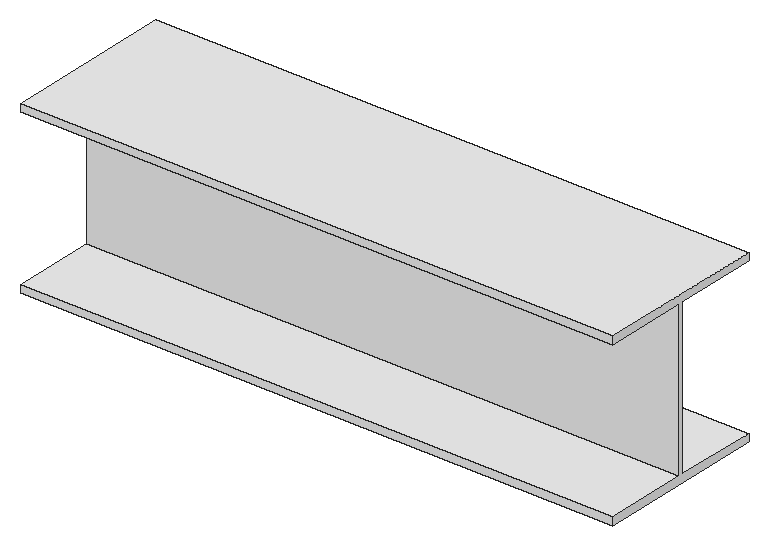
Revit family "VS - CS de vigas soldadas", category Quadro estrutural, Revit 2019
Family settings
  Arredondamento do comprimento do framing estrutural = 1 mm
  Forma do corte = Não definido
  Material para o comportamento do modelo = Aço
  Exportar sempre como geometria = Não
  Sempre na vertical = Sim
  Corte com vazios quando carregada = Não
  Representação simbólica = Das configurações de projeto
  Compartilhado = Não
  Exibir o pré-corte da família na vista da planta = Sim
Parameters (values of type "CS 350x112")
  d1 = d - 2 * tf  # 318 mm
  W = 0.112
  Type Comments = ""
  Structural Material [instance] = Metal - Aço - 250 MPa
  Assembly Code = ""
  Length [instance] = 1500 mm
  bf = 350 mm
  d = 350 mm
  tf = 16 mm
  tw = 9.5 mm
  A = 0.014 m²
Reference planes
  plane 1 "Centro (Frente/Trás)": y = 0
  plane 2: z = 0
  plane 3 "Centro (Esquerda/Direita)": x = 4.61
  plane 4 "Membro esquerdo": x = -604.99
  plane 5 "Membro direito": x = 614.21
  plane 6: y = 175
  plane 7: y = -175
  plane 8 "Superior": z = 175
  plane 9: z = -175
  plane 10 "Esquerda": x = -757.39
  plane 11 "Direita": x = 742.61
  plane 12: z = 159
  plane 13: z = -159
Forms (mm)
  Sweep 1, solid, material "Metal - Aço - 250 MPa" <- "Structural Material", detail levels medium+fine
    path origin (0, 0, 0) x (1, 0, 0) y (0, 1, 0)
      loop
        line (614.21, 0) -> (-604.99, 0)
    profile "WB-Vigas Soladas-Perfil : WB-Vigas Soladas-Perfil" origin (4.61, 0, 0) x (0, -1, 0) y (0, 0, 1)
      loop
        line (-175, -175) -> (175, -175) -> (175, -159) -> (4.75, -159) -> (4.75, 159) -> (175, 159) -> (175, 175) -> (-175, 175) -> (-175, 159) -> (-4.75, 159) -> (-4.75, -159) -> (-175, -159) -> (-175, -175)
Lines and regions (mm)
  symbolic lines, style "Faces ocultas", detail levels medium+fine
    curve 1: line (614.21, -4.75, 0) -> (-604.99, -4.75, 0)
    curve 2: line (614.21, 4.75, 0) -> (-604.99, 4.75, 0)
  symbolic lines, style "Símbolos de vara", detail levels coarse
    curve 3: line (4.61, 175, 175) -> (4.61, -175, 175)
    curve 4: line (4.61, -175, -175) -> (4.61, 175, -175)
    curve 5: line (4.61, 0, 175) -> (4.61, 0, -175)
Dimensions and locks
  "bf": plane 6 to plane 7
  "d": plane 9 to plane 8 "Superior"
  equal spacing: plane 9, plane 2, plane 8 "Superior"
  equal spacing: plane 6, plane 1 "Centro (Frente/Trás)", plane 7
  "Length": plane 10 "Esquerda" to plane 11 "Direita"
  "tw": curve 2 to curve 1
  equal spacing: curve 2, plane 1 "Centro (Frente/Trás)", curve 1
  equal spacing: plane 12, plane 2, plane 13
  "d1": plane 12 to plane 13
  aligned and locked: Sweep 1 sketch curve to plane 1 "Centro (Frente/Trás)"
  aligned and locked: plane 4 "Membro esquerdo" to Sweep 1 sketch curve
  aligned and locked: plane 5 "Membro direito" to Sweep 1 sketch curve
  aligned and locked: plane 4 "Membro esquerdo" to curve 1
  aligned and locked: plane 5 "Membro direito" to curve 1
  aligned and locked: plane 4 "Membro esquerdo" to curve 2
  aligned and locked: plane 5 "Membro direito" to curve 2
Automatic sketch dimensions
  curve 5 to plane 1 "Centro (Frente/Trás)" = 0 mm
  curve 3 to plane 7 = 0 mm
  curve 4 to plane 7 = 0 mm
  curve 4 to plane 6 = 0 mm
  curve 3 to plane 6 = 0 mm
  plane 9 to curve 4 = 0 mm
  plane 8 "Superior" to curve 5 = 0 mm
Types in the file's own list only (99): name | d1 | W | bf | d | tf | tw | A
  CS 250x52 | 231 mm | 0.0518 | 250 mm | 250 mm | 10 mm | 8 mm | 0.01 m²
  CS 250x63 | 225 mm | 0.0632 | 250 mm | 250 mm | 13 mm | 8 mm | 0.01 m²
  CS 250x66 | 225 mm | 0.0658 | 250 mm | 250 mm | 13 mm | 10 mm | 0.01 m²
  CS 250x76 | 218 mm | 0.0765 | 250 mm | 250 mm | 16 mm | 8 mm | 0.01 m²
  CS 250x79 | 218 mm | 0.0791 | 250 mm | 250 mm | 16 mm | 10 mm | 0.01 m²
  CS 250x84 | 218 mm | 0.0842 | 250 mm | 250 mm | 16 mm | 13 mm | 0.01 m²
  CS 250x90 | 212 mm | 0.0904 | 250 mm | 250 mm | 19 mm | 10 mm | 0.01 m²
  CS 250x95 | 212 mm | 0.0954 | 250 mm | 250 mm | 19 mm | 13 mm | 0.01 m²
  CS 250x108 | 205 mm | 0.108 | 250 mm | 250 mm | 22 mm | 13 mm | 0.01 m²
  CS 300x62 | 281 mm | 0.0624 | 300 mm | 300 mm | 10 mm | 8 mm | 0.01 m²
  CS 300x76 | 275 mm | 0.0761 | 300 mm | 300 mm | 13 mm | 8 mm | 0.01 m²
  CS 300x95 | 268 mm | 0.0953 | 300 mm | 300 mm | 16 mm | 10 mm | 0.01 m²
  CS 300x102 | 268 mm | 0.102 | 300 mm | 300 mm | 16 mm | 13 mm | 0.01 m²
  CS 300x109 | 262 mm | 0.109 | 300 mm | 300 mm | 19 mm | 10 mm | 0.01 m²
  CS 300x115 | 262 mm | 0.115 | 300 mm | 300 mm | 19 mm | 13 mm | 0.01 m²
  CS 300x122 | 262 mm | 0.122 | 300 mm | 300 mm | 19 mm | 16 mm | 0.02 m²
  CS 300x131 | 255 mm | 0.131 | 300 mm | 300 mm | 22 mm | 13 mm | 0.02 m²
  CS 300x138 | 255 mm | 0.138 | 300 mm | 300 mm | 22 mm | 16 mm | 0.02 m²
  CS 300x149 | 250 mm | 0.149 | 300 mm | 300 mm | 25 mm | 16 mm | 0.02 m²
  CS 350x93 | 325 mm | 0.0929 | 350 mm | 350 mm | 13 mm | 10 mm | 0.01 m²
  CS 350x119 | 318 mm | 0.119 | 350 mm | 350 mm | 16 mm | 13 mm | 0.02 m²
  CS 350x128 | 312 mm | 0.128 | 350 mm | 350 mm | 19 mm | 10 mm | 0.02 m²
  CS 350x135 | 312 mm | 0.135 | 350 mm | 350 mm | 19 mm | 13 mm | 0.02 m²
  CS 350x144 | 312 mm | 0.144 | 350 mm | 350 mm | 19 mm | 16 mm | 0.02 m²
  CS 350x153 | 305 mm | 0.153 | 350 mm | 350 mm | 22 mm | 13 mm | 0.02 m²
  CS 350x161 | 305 mm | 0.161 | 350 mm | 350 mm | 22 mm | 16 mm | 0.02 m²
  CS 350x175 | 300 mm | 0.175 | 350 mm | 350 mm | 25 mm | 16 mm | 0.02 m²
  CS 350x183 | 300 mm | 0.182 | 350 mm | 350 mm | 25 mm | 19 mm | 0.02 m²
  CS 350x216 | 287 mm | 0.216 | 350 mm | 350 mm | 32 mm | 19 mm | 0.03 m²
  CS 400x106 | 375 mm | 0.106 | 400 mm | 400 mm | 13 mm | 10 mm | 0.01 m²
  CS 400x128 | 368 mm | 0.128 | 400 mm | 400 mm | 16 mm | 10 mm | 0.02 m²
  CS 400x137 | 368 mm | 0.137 | 400 mm | 400 mm | 16 mm | 13 mm | 0.02 m²
  CS 400x146 | 362 mm | 0.146 | 400 mm | 400 mm | 19 mm | 10 mm | 0.02 m²
  CS 400x155 | 362 mm | 0.155 | 400 mm | 400 mm | 19 mm | 13 mm | 0.02 m²
  CS 400x165 | 362 mm | 0.165 | 400 mm | 400 mm | 19 mm | 16 mm | 0.02 m²
  CS 400x176 | 355 mm | 0.176 | 400 mm | 400 mm | 22 mm | 13 mm | 0.02 m²
  CS 400x185 | 355 mm | 0.185 | 400 mm | 400 mm | 22 mm | 16 mm | 0.02 m²
  CS 400x201 | 350 mm | 0.201 | 400 mm | 400 mm | 25 mm | 16 mm | 0.03 m²
  CS 400x209 | 350 mm | 0.209 | 400 mm | 400 mm | 25 mm | 19 mm | 0.03 m²
  CS 400x248 | 337 mm | 0.248 | 400 mm | 400 mm | 32 mm | 19 mm | 0.03 m²
  CS 450x154 | 418 mm | 0.154 | 450 mm | 450 mm | 16 mm | 13 mm | 0.02 m²
  CS 450x175 | 412 mm | 0.175 | 450 mm | 450 mm | 19 mm | 13 mm | 0.02 m²
  CS 450x186 | 412 mm | 0.186 | 450 mm | 450 mm | 19 mm | 16 mm | 0.02 m²
  CS 450x198 | 405 mm | 0.198 | 450 mm | 450 mm | 22 mm | 13 mm | 0.03 m²
  CS 450x209 | 405 mm | 0.209 | 450 mm | 450 mm | 22 mm | 16 mm | 0.03 m²
  CS 450x227 | 400 mm | 0.227 | 450 mm | 450 mm | 25 mm | 16 mm | 0.03 m²
  CS 450x236 | 400 mm | 0.236 | 450 mm | 450 mm | 25 mm | 19 mm | 0.03 m²
  CS 450x280 | 387 mm | 0.28 | 450 mm | 450 mm | 32 mm | 19 mm | 0.04 m²
  CS 450x291 | 387 mm | 0.291 | 450 mm | 450 mm | 32 mm | 22 mm | 0.04 m²
  CS 450x321 | 375 mm | 0.321 | 450 mm | 450 mm | 38 mm | 19 mm | 0.04 m²
  CS 450x331 | 375 mm | 0.331 | 450 mm | 450 mm | 38 mm | 22 mm | 0.04 m²
  CS 500x172 | 468 mm | 0.172 | 500 mm | 500 mm | 16 mm | 13 mm | 0.02 m²
  CS 500x194 | 462 mm | 0.194 | 500 mm | 500 mm | 19 mm | 13 mm | 0.02 m²
  CS 500x207 | 462 mm | 0.207 | 500 mm | 500 mm | 19 mm | 16 mm | 0.03 m²
  CS 500x221 | 455 mm | 0.221 | 500 mm | 500 mm | 22 mm | 13 mm | 0.03 m²
  CS 500x233 | 455 mm | 0.233 | 500 mm | 500 mm | 22 mm | 16 mm | 0.03 m²
  CS 500x253 | 450 mm | 0.253 | 500 mm | 500 mm | 25 mm | 16 mm | 0.03 m²
  CS 500x283 | 450 mm | 0.263 | 500 mm | 500 mm | 25 mm | 19 mm | 0.03 m²
  CS 500x312 | 437 mm | 0.312 | 500 mm | 500 mm | 32 mm | 19 mm | 0.04 m²
  CS 500x324 | 437 mm | 0.324 | 500 mm | 500 mm | 32 mm | 22 mm | 0.04 m²
  CS 500x333 | 437 mm | 0.333 | 500 mm | 500 mm | 32 mm | 25 mm | 0.04 m²
  CS 500x369 | 425 mm | 0.369 | 500 mm | 500 mm | 38 mm | 22 mm | 0.05 m²
  CS 500x378 | 425 mm | 0.378 | 500 mm | 500 mm | 38 mm | 25 mm | 0.05 m²
  CS 550x228 | 512 mm | 0.228 | 550 mm | 550 mm | 19 mm | 16 mm | 0.03 m²
  CS 550x257 | 505 mm | 0.257 | 550 mm | 550 mm | 22 mm | 16 mm | 0.03 m²
  CS 550x279 | 500 mm | 0.279 | 550 mm | 550 mm | 25 mm | 16 mm | 0.04 m²
  CS 500x290 | 500 mm | 0.29 | 550 mm | 550 mm | 25 mm | 19 mm | 0.04 m²
  CS 550x345 | 487 mm | 0.345 | 550 mm | 550 mm | 32 mm | 19 mm | 0.04 m²
  CS 550x358 | 487 mm | 0.358 | 550 mm | 550 mm | 32 mm | 22 mm | 0.05 m²
  CS 550x368 | 487 mm | 0.368 | 550 mm | 550 mm | 32 mm | 25 mm | 0.05 m²
  CS 550x395 | 475 mm | 0.395 | 550 mm | 550 mm | 38 mm | 19 mm | 0.05 m²
  CS 550x407 | 475 mm | 0.407 | 550 mm | 550 mm | 38 mm | 22 mm | 0.05 m²
  CS 550x417 | 475 mm | 0.417 | 550 mm | 550 mm | 38 mm | 25 mm | 0.05 m²
  CS 550x441 | 475 mm | 0.441 | 550 mm | 550 mm | 38 mm | 32 mm | 0.06 m²
  CS 550x495 | 462 mm | 0.495 | 550 mm | 550 mm | 44 mm | 32 mm | 0.06 m²
  CS 600x281 | 555 mm | 0.281 | 600 mm | 600 mm | 22 mm | 16 mm | 0.04 m²
  CS 600x250 | 562 mm | 0.25 | 600 mm | 600 mm | 19 mm | 16 mm | 0.03 m²
  CS 600x305 | 550 mm | 0.305 | 600 mm | 600 mm | 25 mm | 16 mm | 0.04 m²
  CS 600x318 | 550 mm | 0.318 | 600 mm | 600 mm | 25 mm | 19 mm | 0.04 m²
  CS 600x377 | 537 mm | 0.377 | 600 mm | 600 mm | 32 mm | 19 mm | 0.05 m²
  CS 600x391 | 537 mm | 0.391 | 600 mm | 600 mm | 32 mm | 22 mm | 0.05 m²
  CS 600x402 | 537 mm | 0.402 | 600 mm | 600 mm | 32 mm | 25 mm | 0.05 m²
  CS 600x432 | 525 mm | 0.432 | 600 mm | 600 mm | 38 mm | 19 mm | 0.06 m²
  CS 600x446 | 525 mm | 0.446 | 600 mm | 600 mm | 38 mm | 22 mm | 0.06 m²
  CS 600x456 | 525 mm | 0.456 | 600 mm | 600 mm | 38 mm | 25 mm | 0.06 m²
  CS 600x483 | 525 mm | 0.483 | 600 mm | 600 mm | 38 mm | 32 mm | 0.06 m²
  CS 600x541 | 512 mm | 0.541 | 600 mm | 600 mm | 44 mm | 32 mm | 0.07 m²
  CS 650x305 | 605 mm | 0.305 | 650 mm | 650 mm | 22 mm | 16 mm | 0.04 m²
  CS 650x330 | 600 mm | 0.33 | 650 mm | 650 mm | 25 mm | 16 mm | 0.04 m²
  CS 650x345 | 600 mm | 0.345 | 650 mm | 650 mm | 25 mm | 19 mm | 0.04 m²
  CS 650x395 | 587 mm | 0.395 | 650 mm | 650 mm | 32 mm | 16 mm | 0.05 m²
  CS 650x409 | 587 mm | 0.409 | 650 mm | 650 mm | 32 mm | 19 mm | 0.05 m²
  CS 650x425 | 587 mm | 0.425 | 650 mm | 650 mm | 32 mm | 22 mm | 0.05 m²
  CS 650x437 | 587 mm | 0.437 | 650 mm | 650 mm | 32 mm | 25 mm | 0.06 m²
  CS 600x468 | 575 mm | 0.468 | 650 mm | 650 mm | 38 mm | 19 mm | 0.06 m²
  CS 650x484 | 575 mm | 0.484 | 650 mm | 650 mm | 38 mm | 22 mm | 0.06 m²
  CS 650x496 | 575 mm | 0.496 | 650 mm | 650 mm | 38 mm | 25 mm | 0.06 m²
  CS 600x525 | 575 mm | 0.525 | 650 mm | 650 mm | 38 mm | 32 mm | 0.07 m²
  CS 650x588 | 562 mm | 0.588 | 650 mm | 650 mm | 44 mm | 32 mm | 0.07 m²
